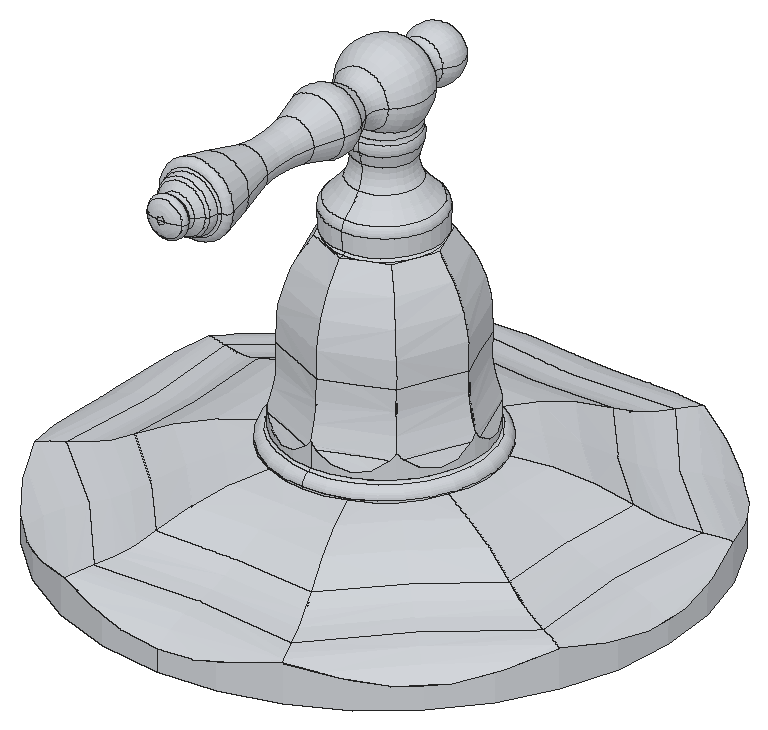
Revit family "Shower-Valve_Trim-KOHLER-Kelston-K-TS98762", category Specialty Equipment, host Face, Revit 2015 (continued)
Definition of nested family "K-TS98762"
  Automatic sketch dimensions
    Revolve 5 sketch curve to Revolve 5 sketch curve = 0.99157"
    Revolve 5 sketch curve to plane 7 = 1.46298"
    Revolve 5 sketch curve to Revolve 5 sketch curve = 0.07578"
    plane 7 to Revolve 5 sketch curve = 1.16717"
    Revolve 5 sketch curve to plane 1 "Center (Front/Back)" = 0.47689"
    Revolve 5 sketch curve to Revolve 5 sketch curve = 0.23973"
    Revolve 5 sketch curve to Revolve 5 sketch curve = 0.36408"
    Revolve 5 sketch curve to Revolve 5 sketch curve = 0.25302"
    plane 1 "Center (Front/Back)" to Revolve 5 sketch curve = 0.49914"
    Revolve 5 sketch curve to Revolve 5 sketch curve = 0.36995"
    plane 1 "Center (Front/Back)" to Revolve 5 sketch curve = 1.07083"
    Revolve 5 sketch curve to Revolve 5 sketch curve = 1.53519"
    Revolve 5 sketch curve to Revolve 5 sketch curve = 0.01614"
    plane 9 to Revolve 5 sketch curve = 0.51418"
    Revolve 5 sketch curve to Revolve 5 sketch curve = 0.09897"
    Revolve 5 sketch curve to Revolve 5 sketch curve = 0.10515"
    Revolve 5 sketch curve to Revolve 5 sketch curve = 15/256"
    Revolve 5 sketch curve to Revolve 5 sketch curve = 0.14751"
    Revolve 5 sketch curve to Revolve 5 sketch curve = 0.13471"
    Revolve 5 sketch curve to Revolve 5 sketch curve = 0.02828"
    plane 9 to Revolve 5 sketch curve = 0.09415"
    Revolve 5 sketch curve to Revolve 5 sketch curve = 0.0485"
    Revolve 5 sketch curve to Revolve 5 sketch curve = 0"  (x13)
    Revolve 5 sketch curve to plane 3 "Center (Left/Right)" = 0.23083"  (x2)
    Revolve 5 sketch curve to Revolve 5 sketch curve = 0.07286"
    Revolve 5 sketch curve to Revolve 5 sketch curve = 0.20363"
    Revolve 5 sketch curve to Revolve 5 sketch curve = 0.08789"
    Revolve 5 sketch curve to Revolve 5 sketch curve = 0.14087"
    plane 1 "Center (Front/Back)" to Masking region 1 sketch curve = 0"
    Masking region 1 sketch curve to plane 3 "Center (Left/Right)" = 0"
    Masking region 2 sketch curve to level = 0"
    Masking region 2 sketch curve to plane 5 = 0"
    Masking region 2 sketch curve to plane 9 = 0"
    Masking region 2 sketch curve to plane 4 = 0"
    plane 5 to Masking region 2 sketch curve = 0.07788"  (x2)
    plane 9 to Masking region 2 sketch curve = 0.09435"  (x2)
    plane 9 to Masking region 2 sketch curve = 0.11354"  (x2)
    plane 9 to Masking region 2 sketch curve = 0.18366"
    Masking region 2 sketch curve to Masking region 2 sketch curve = 0.09328"  (x2)
    Masking region 2 sketch curve to Masking region 2 sketch curve = 0.02828"  (x2)
    Masking region 2 sketch curve to Masking region 2 sketch curve = 0.08027"
    Masking region 2 sketch curve to Masking region 2 sketch curve = 0"  (x53)
    Masking region 2 sketch curve to Masking region 2 sketch curve = 0.13471"  (x2)
    Masking region 2 sketch curve to Masking region 2 sketch curve = 15/256"  (x2)
    Masking region 2 sketch curve to Masking region 2 sketch curve = 0.14751"
    Masking region 2 sketch curve to Masking region 2 sketch curve = 0.10515"  (x2)
    Masking region 2 sketch curve to Masking region 2 sketch curve = 0.279"
    Masking region 2 sketch curve to Masking region 2 sketch curve = 1.42701"
    Masking region 2 sketch curve to Masking region 2 sketch curve = 0.01614"  (x2)
    Masking region 2 sketch curve to plane 8 = 0.74804"
    Masking region 2 sketch curve to Masking region 2 sketch curve = 0.60285"
    plane 1 "Center (Front/Back)" to Masking region 2 sketch curve = 1.11565"
    plane 1 "Center (Front/Back)" to Masking region 2 sketch curve = 1.07063"
    level to Masking region 2 sketch curve = 0.17583"
    Masking region 2 sketch curve to Masking region 2 sketch curve = 0.04502"
    Masking region 2 sketch curve to Masking region 2 sketch curve = 0.05689"
    Masking region 2 sketch curve to Masking region 2 sketch curve = 0.06565"  (x2)
    Masking region 2 sketch curve to Masking region 2 sketch curve = 0.2812"
    Masking region 2 sketch curve to Masking region 2 sketch curve = 0.45422"
    Masking region 2 sketch curve to Masking region 2 sketch curve = 0.40352"  (x2)
    plane 1 "Center (Front/Back)" to Masking region 2 sketch curve = 0.63337"
    Masking region 2 sketch curve to Masking region 2 sketch curve = 0.03621"
    Masking region 2 sketch curve to Masking region 2 sketch curve = 0.03888"  (x2)
    Masking region 2 sketch curve to Masking region 2 sketch curve = 0.06603"
    Masking region 2 sketch curve to Masking region 2 sketch curve = 0.12226"  (x2)
    Masking region 2 sketch curve to Masking region 2 sketch curve = 0.01718"
    Masking region 2 sketch curve to plane 8 = 0.01632"
    plane 1 "Center (Front/Back)" to Masking region 2 sketch curve = 0.49894"
    Masking region 2 sketch curve to Masking region 2 sketch curve = 13/256"  (x2)
    plane 1 "Center (Front/Back)" to Masking region 2 sketch curve = 0.1946"
    plane 1 "Center (Front/Back)" to Masking region 2 sketch curve = 0.09563"  (x2)
    Masking region 2 sketch curve to plane 1 "Center (Front/Back)" = 0.00373"
    Masking region 2 sketch curve to plane 1 "Center (Front/Back)" = 0.1946"
    Masking region 2 sketch curve to plane 8 = 0.16298"
    Masking region 2 sketch curve to plane 1 "Center (Front/Back)" = 0.47708"
    Masking region 2 sketch curve to Masking region 2 sketch curve = 0.28248"
    Masking region 2 sketch curve to plane 1 "Center (Front/Back)" = 0.48032"
    Masking region 2 sketch curve to Masking region 2 sketch curve = 0.03903"
    Masking region 2 sketch curve to Masking region 2 sketch curve = 0.06337"
    Masking region 2 sketch curve to Masking region 2 sketch curve = 0.00266"
    Masking region 2 sketch curve to Masking region 2 sketch curve = 0.23973"
    plane 8 to Masking region 2 sketch curve = 0.23638"
    Masking region 2 sketch curve to Masking region 2 sketch curve = 0.36408"
    Masking region 2 sketch curve to Masking region 2 sketch curve = 0.25302"
    Masking region 2 sketch curve to plane 1 "Center (Front/Back)" = 1.05"
    Masking region 2 sketch curve to Masking region 2 sketch curve = 0.00876"
    Masking region 2 sketch curve to Masking region 2 sketch curve = 0.35327"
    Masking region 2 sketch curve to Masking region 2 sketch curve = 0.88405"
    Masking region 2 sketch curve to plane 4 = 0.24616"
    Masking region 2 sketch curve to Masking region 2 sketch curve = 0.23914"  (x2)
    Masking region 2 sketch curve to Masking region 2 sketch curve = 0.17947"  (x2)
    level to Masking region 2 sketch curve = 0.98486"
    Masking region 2 sketch curve to Masking region 2 sketch curve = 0.80903"
    Masking region 2 sketch curve to Masking region 2 sketch curve = 0.16831"  (x2)
    Masking region 2 sketch curve to Masking region 2 sketch curve = 0.2377"  (x2)
    Masking region 2 sketch curve to Masking region 2 sketch curve = 0.11419"
    Masking region 2 sketch curve to Masking region 2 sketch curve = 0.07578"  (x2)
    Masking region 2 sketch curve to Masking region 2 sketch curve = 0.2891"
    Masking region 2 sketch curve to Masking region 2 sketch curve = 0.04991"  (x2)
    Masking region 2 sketch curve to Masking region 2 sketch curve = 0.00326"
    Masking region 2 sketch curve to Masking region 2 sketch curve = 0.12441"
    Masking region 2 sketch curve to Masking region 2 sketch curve = 0.41351"
    Masking region 2 sketch curve to Masking region 2 sketch curve = 0.21014"  (x2)
    Masking region 2 sketch curve to Masking region 2 sketch curve = 0.41907"  (x2)
    Masking region 2 sketch curve to Masking region 2 sketch curve = 0.08653"  (x2)
    Masking region 2 sketch curve to plane 8 = 1.04993"
    Masking region 2 sketch curve to Masking region 2 sketch curve = 0.25874"
    Masking region 2 sketch curve to Masking region 2 sketch curve = 0.03166"
    Masking region 2 sketch curve to Masking region 2 sketch curve = 0.10861"
    Masking region 2 sketch curve to Masking region 2 sketch curve = 0.07695"
    Masking region 2 sketch curve to Masking region 2 sketch curve = 0.23952"
    Masking region 2 sketch curve to Masking region 2 sketch curve = 0.01107"  (x2)
    Masking region 2 sketch curve to Masking region 2 sketch curve = 0.06972"
    Masking region 2 sketch curve to Masking region 2 sketch curve = 0.04456"
    Masking region 2 sketch curve to Masking region 2 sketch curve = 0.55156"
    Masking region 2 sketch curve to Masking region 2 sketch curve = 0.10774"
    Masking region 2 sketch curve to Masking region 2 sketch curve = 0.06442"  (x2)
    Masking region 2 sketch curve to Masking region 2 sketch curve = 0.06662"  (x2)
    Masking region 2 sketch curve to Masking region 2 sketch curve = 0.18136"
    Masking region 2 sketch curve to Masking region 2 sketch curve = 0.25723"
    Masking region 2 sketch curve to Masking region 2 sketch curve = 0.12259"  (x2)
    Masking region 2 sketch curve to Masking region 2 sketch curve = 0.33363"
    Masking region 2 sketch curve to Masking region 2 sketch curve = 0.04928"  (x2)
    Masking region 2 sketch curve to Masking region 2 sketch curve = 0.04274"  (x2)
    Masking region 2 sketch curve to plane 8 = 0.43235"
    Masking region 2 sketch curve to Masking region 2 sketch curve = 0.08519"
    Masking region 2 sketch curve to Masking region 2 sketch curve = 0.10364"
    Masking region 2 sketch curve to Masking region 2 sketch curve = 0.00124"
    Masking region 2 sketch curve to plane 8 = 0.13964"
    plane 8 to Masking region 2 sketch curve = 0.11094"
    plane 8 to Masking region 2 sketch curve = 0.97525"
    plane 8 to Masking region 2 sketch curve = 1.31752"
    Masking region 2 sketch curve to Masking region 2 sketch curve = 1.39655"
    Masking region 2 sketch curve to Masking region 2 sketch curve = 2.55438"
    Masking region 2 sketch curve to Masking region 2 sketch curve = 0.07489"  (x2)
    plane 9 to Masking region 2 sketch curve = 0.36377"
    Masking region 2 sketch curve to Masking region 2 sketch curve = 0.19497"
    Masking region 2 sketch curve to Masking region 2 sketch curve = 0.04225"  (x2)
    plane 9 to Masking region 2 sketch curve = 0.5766"
    Masking region 2 sketch curve to Masking region 2 sketch curve = 0.1166"  (x2)
    Masking region 2 sketch curve to Masking region 2 sketch curve = 0.43261"
    Masking region 2 sketch curve to Masking region 2 sketch curve = 0.42833"
    Masking region 2 sketch curve to Masking region 2 sketch curve = 0.11019"  (x2)
    Masking region 2 sketch curve to Masking region 2 sketch curve = 0.04745"  (x2)
    Masking region 2 sketch curve to Masking region 2 sketch curve = 0.07822"
    plane 1 "Center (Front/Back)" to Masking region 2 sketch curve = 0.87839"
    Masking region 2 sketch curve to Masking region 2 sketch curve = 0.41265"  (x2)
    Masking region 2 sketch curve to Masking region 2 sketch curve = 0.13938"
    Masking region 2 sketch curve to Masking region 2 sketch curve = 0.04428"
    plane 1 "Center (Front/Back)" to Masking region 2 sketch curve = 0.10671"
    Masking region 2 sketch curve to plane 1 "Center (Front/Back)" = 0.10671"
    Masking region 2 sketch curve to Masking region 2 sketch curve = 0.12294"
    Masking region 2 sketch curve to Masking region 2 sketch curve = 0.09475"
    Masking region 2 sketch curve to Masking region 2 sketch curve = 0.49087"
    Masking region 2 sketch curve to plane 1 "Center (Front/Back)" = 0.87839"
    level to Masking region 2 sketch curve = 0.64662"
    Masking region 2 sketch curve to Masking region 2 sketch curve = 0.85704"
    Masking region 2 sketch curve to plane 4 = 0.85888"
    Masking region 2 sketch curve to Masking region 2 sketch curve = 0.42871"
    Masking region 2 sketch curve to plane 4 = 0.6391"
    Masking region 2 sketch curve to plane 4 = 0.42627"
    Masking region 2 sketch curve to level = 1.1334"  (x2)
    Masking region 2 sketch curve to Masking region 2 sketch curve = 0.00906"  (x2)
    plane 7 to Masking region 3 sketch curve = 0"
    Masking region 3 sketch curve to plane 3 "Center (Left/Right)" = 0"
    Masking region 3 sketch curve to level = 0"
    Masking region 3 sketch curve to plane 6 = 0"
    Masking region 3 sketch curve to plane 10 "A" = 0"
    Masking region 3 sketch curve to plane 7 = 0.24616"
    plane 10 "A" to Masking region 3 sketch curve = 0.27855"  (x2)
    Masking region 3 sketch curve to Masking region 3 sketch curve = 0.60285"
    Masking region 3 sketch curve to plane 3 "Center (Left/Right)" = 1.11565"
    Masking region 3 sketch curve to Masking region 3 sketch curve = 0.05689"
    Masking region 3 sketch curve to Masking region 3 sketch curve = 0.06565"  (x2)
    Masking region 3 sketch curve to Masking region 3 sketch curve = 0.2812"  (x2)
    Masking region 3 sketch curve to Masking region 3 sketch curve = 0.40352"  (x2)
    Masking region 3 sketch curve to plane 3 "Center (Left/Right)" = 0.63337"
    Masking region 3 sketch curve to Masking region 3 sketch curve = 0.03621"
    Masking region 3 sketch curve to Masking region 3 sketch curve = 0.03888"  (x2)
    Masking region 3 sketch curve to Masking region 3 sketch curve = 0.06603"
    Masking region 3 sketch curve to Masking region 3 sketch curve = 0.12226"  (x2)
    Masking region 3 sketch curve to Masking region 3 sketch curve = 13/256"  (x2)
    Masking region 3 sketch curve to Masking region 3 sketch curve = 0.1639"  (x2)
    Masking region 3 sketch curve to plane 3 "Center (Left/Right)" = 0.1946"
    plane 3 "Center (Left/Right)" to Masking region 3 sketch curve = 0.1946"
    Masking region 3 sketch curve to Masking region 3 sketch curve = 0.15762"
    plane 3 "Center (Left/Right)" to Masking region 3 sketch curve = 0.48032"
    Masking region 3 sketch curve to Masking region 3 sketch curve = 0.06337"
    Masking region 3 sketch curve to Masking region 3 sketch curve = 0.00266"
    plane 3 "Center (Left/Right)" to Masking region 3 sketch curve = 1.05"
    Masking region 3 sketch curve to Masking region 3 sketch curve = 0.00876"
    Masking region 3 sketch curve to Masking region 3 sketch curve = 0.88405"
    Masking region 3 sketch curve to plane 6 = 0.24616"
    Masking region 3 sketch curve to Masking region 3 sketch curve = 0.23914"  (x2)
    Masking region 3 sketch curve to Masking region 3 sketch curve = 0.17947"  (x2)
    level to Masking region 3 sketch curve = 0.98486"  (x2)
    Masking region 3 sketch curve to Masking region 3 sketch curve = 0.16831"  (x2)
    Masking region 3 sketch curve to Masking region 3 sketch curve = 0.2377"  (x2)
    Masking region 3 sketch curve to Masking region 3 sketch curve = 1.21937"
    Masking region 3 sketch curve to Masking region 3 sketch curve = 0"  (x14)
    Masking region 3 sketch curve to Masking region 3 sketch curve = 0.04991"  (x2)
    Masking region 3 sketch curve to Masking region 3 sketch curve = 1.09496"  (x2)
    Masking region 3 sketch curve to Masking region 3 sketch curve = 0.21014"  (x2)
    Masking region 3 sketch curve to Masking region 3 sketch curve = 0.41907"  (x2)
    Masking region 3 sketch curve to Masking region 3 sketch curve = 0.08653"  (x2)
    Masking region 3 sketch curve to Masking region 3 sketch curve = 0.10861"  (x2)
    Masking region 3 sketch curve to Masking region 3 sketch curve = 0.02109"  (x2)
    Masking region 3 sketch curve to Masking region 3 sketch curve = 0.07489"  (x2)
    Masking region 3 sketch curve to plane 7 = 0.42627"
    Masking region 3 sketch curve to Masking region 3 sketch curve = 0.19497"
    Masking region 3 sketch curve to Masking region 3 sketch curve = 0.04225"  (x2)
    Masking region 3 sketch curve to plane 7 = 0.6391"
    Masking region 3 sketch curve to Masking region 3 sketch curve = 0.1166"  (x2)
    Masking region 3 sketch curve to Masking region 3 sketch curve = 0.43261"
    Masking region 3 sketch curve to Masking region 3 sketch curve = 0.42833"
    Masking region 3 sketch curve to Masking region 3 sketch curve = 0.11019"  (x2)
    Masking region 3 sketch curve to Masking region 3 sketch curve = 0.04745"  (x2)
    Masking region 3 sketch curve to Masking region 3 sketch curve = 0.07822"
    Masking region 3 sketch curve to plane 3 "Center (Left/Right)" = 0.87839"
    Masking region 3 sketch curve to Masking region 3 sketch curve = 0.41265"  (x2)
    Masking region 3 sketch curve to plane 3 "Center (Left/Right)" = 0.10671"
    plane 3 "Center (Left/Right)" to Masking region 3 sketch curve = 0.10671"
    Masking region 3 sketch curve to Masking region 3 sketch curve = 0.12294"
    Masking region 3 sketch curve to Masking region 3 sketch curve = 0.49087"
    plane 3 "Center (Left/Right)" to Masking region 3 sketch curve = 0.87839"
    level to Masking region 3 sketch curve = 0.64662"
    Masking region 3 sketch curve to Masking region 3 sketch curve = 0.85704"
    Masking region 3 sketch curve to plane 6 = 0.85888"
    Masking region 3 sketch curve to Masking region 3 sketch curve = 0.42871"
    Masking region 3 sketch curve to plane 6 = 0.6391"
    Masking region 3 sketch curve to plane 6 = 0.42627"
    Masking region 3 sketch curve to level = 1.1334"  (x2)
    Masking region 3 sketch curve to Masking region 3 sketch curve = 0.00906"  (x2)
    Masking region 3 sketch curve to Masking region 3 sketch curve = 0.04471"  (x2)
    Revolve 3 sketch curve to plane 1 "Center (Front/Back)" = 0"  (x2)
    Revolve 3 sketch curve to plane 1 "Center (Front/Back)" = 0.1946"
    Revolve 3 sketch curve to Revolve 3 sketch curve = 0.15643"
    Revolve 3 sketch curve to plane 1 "Center (Front/Back)" = 0.48032"
    Revolve 3 sketch curve to Revolve 3 sketch curve = 0.15703"
    Revolve 3 sketch curve to Revolve 3 sketch curve = 13/256"
    Revolve 3 sketch curve to Revolve 3 sketch curve = 0.04991"  (x2)
    Revolve 3 sketch curve to Revolve 3 sketch curve = 0.01612"
    Revolve 3 sketch curve to Revolve 3 sketch curve = 0.13032"
    Revolve 3 sketch curve to Revolve 3 sketch curve = 0.40352"
    Revolve 3 sketch curve to Revolve 3 sketch curve = 0.45285"
    Revolve 3 sketch curve to Revolve 3 sketch curve = 0.00328"
    Revolve 3 sketch curve to Revolve 3 sketch curve = 0.02977"
    Revolve 3 sketch curve to Revolve 3 sketch curve = 0.11677"
    plane 10 "A" to Revolve 3 sketch curve = 0.27855"
    Revolve 3 sketch curve to Revolve 3 sketch curve = 0.2812"
    Revolve 3 sketch curve to Revolve 3 sketch curve = 0.87595"
    plane 10 "A" to Revolve 3 sketch curve = 0.37806"
    Revolve 3 sketch curve to Revolve 3 sketch curve = 0.10677"
    Revolve 3 sketch curve to Revolve 3 sketch curve = 0.36552"
    Revolve 3 sketch curve to Revolve 3 sketch curve = 0.08653"
    Revolve 3 sketch curve to Revolve 3 sketch curve = 0.49429"
    Revolve 3 sketch curve to Revolve 3 sketch curve = 0.5434"
    Revolve 3 sketch curve to Revolve 3 sketch curve = 0.21014"
    level to Revolve 3 sketch curve = 1.12646"
    Revolve 3 sketch curve to Revolve 3 sketch curve = 0.14412"
    level to Revolve 3 sketch curve = 0.95001"
    Revolve 3 sketch curve to Revolve 3 sketch curve = 0.10419"
    Revolve 3 sketch curve to Revolve 3 sketch curve = 0.12294"
    Revolve 3 sketch curve to Revolve 3 sketch curve = 0"  (x4)
    Revolve 3 sketch curve to Revolve 3 sketch curve = 0.91295"
    Revolve 3 sketch curve to Revolve 3 sketch curve = 0.17773"
    Revolve 6 sketch curve to plane 1 "Center (Front/Back)" = 0"  (x2)
    Revolve 6 sketch curve to level = 0"
    Revolve 6 sketch curve to plane 4 = 0"
    Revolve 6 sketch curve to Revolve 6 sketch curve = 0.59715"
    Revolve 6 sketch curve to Revolve 6 sketch curve = 0.4216"
    Revolve 6 sketch curve to Revolve 6 sketch curve = 0.1502"
    Revolve 6 sketch curve to Revolve 6 sketch curve = 0.365"
    level to Revolve 6 sketch curve = 1.005"
    Revolve 6 sketch curve to Revolve 6 sketch curve = 0.24998"
    plane 10 "A" to Revolve 6 sketch curve = 1.44801"
    plane 10 "A" to Revolve 6 sketch curve = 0.35763"
    Revolve 6 sketch curve to Revolve 6 sketch curve = 0.586"
    Revolve 6 sketch curve to Revolve 6 sketch curve = 0.57252"
    Extrusion 7 sketch curve to plane 3 "Center (Left/Right)" = 0"
    Extrusion 7 sketch curve to plane 10 "A" = 0"
    curve 1 to curve 2 = 0"  (x2)
    curve 1 to curve 3 = 0"  (x2)
    curve 3 to curve 62 = 0"  (x2)
    plane 1 "Center (Front/Back)" to curve 9 = 0"
    curve 18 to plane 3 "Center (Left/Right)" = 0"
    plane 1 "Center (Front/Back)" to curve 62 = 0"
    curve 62 to plane 3 "Center (Left/Right)" = 0"
    curve 19 to plane 3 "Center (Left/Right)" = 0"
    plane 1 "Center (Front/Back)" to curve 6 = 0"
    curve 23 to plane 1 "Center (Front/Back)" = 0.00353"
    curve 23 to plane 3 "Center (Left/Right)" = 0.03714"
    curve 26 to plane 3 "Center (Left/Right)" = 0.04259"
    curve 28 to plane 3 "Center (Left/Right)" = 0.04274"
    curve 19 to curve 19 = 0.04928"
    curve 34 to plane 3 "Center (Left/Right)" = 0.05182"
    curve 29 to curve 18 = 0.12259"
    curve 31 to curve 29 = 0.06662"
    curve 33 to curve 31 = 0.00124"
    curve 30 to curve 31 = 0.06442"
    curve 21 to plane 3 "Center (Left/Right)" = 0.30651"
    curve 38 to curve 33 = 0.09667"
    curve 72 to curve 38 = 0.00827"
    curve 39 to curve 72 = 0.0028"
    curve 24 to plane 3 "Center (Left/Right)" = 0.45318"
    plane 5 to curve 32 = 0.07808"
    curve 32 to curve 30 = 0.28408"
    curve 22 to curve 21 = 0.39937"
    plane 1 "Center (Front/Back)" to curve 25 = 0.09583"
    curve 25 to curve 24 = 0.99157"
    curve 35 to plane 7 = 1.46298"
    curve 27 to curve 35 = 0.07578"
    plane 9 to curve 59 = 0.11334"
    curve 59 to plane 7 = 1.27301"
    plane 7 to curve 36 = 1.16717"
    curve 45 to plane 1 "Center (Front/Back)" = 0.00353"
    plane 3 "Center (Left/Right)" to curve 45 = 0.03714"
    plane 3 "Center (Left/Right)" to curve 48 = 0.04259"
    curve 40 to plane 9 = 0.0002"
    plane 3 "Center (Left/Right)" to curve 40 = 0.04274"
    plane 3 "Center (Left/Right)" to curve 42 = 0.04928"
    plane 3 "Center (Left/Right)" to curve 56 = 0.05182"
    curve 50 to curve 51 = 0.12259"
    curve 51 to curve 53 = 0.06662"
    curve 53 to curve 55 = 0.00124"
    curve 53 to curve 52 = 0.06442"
    plane 3 "Center (Left/Right)" to curve 43 = 0.30651"
    curve 55 to curve 60 = 0.09667"
    curve 60 to curve 72 = 0.00827"
    curve 60 to curve 61 = 0.0028"
    plane 3 "Center (Left/Right)" to curve 46 = 0.45318"
    plane 5 to curve 54 = 0.07808"
    curve 52 to curve 54 = 0.28408"
    curve 43 to curve 44 = 0.39937"
    plane 1 "Center (Front/Back)" to curve 47 = 0.09583"
    curve 57 to plane 6 = 1.46298"
    curve 57 to curve 49 = 0.07578"
    plane 9 to curve 37 = 0.11334"
    curve 37 to plane 6 = 1.27301"
    plane 6 to curve 58 = 1.16717"
    plane 9 to curve 29 = 0.09415"
    plane 9 to curve 51 = 0.09415"
    curve 51 to curve 53 = 0.09328"
    curve 29 to curve 31 = 0.09328"
    curve 31 to curve 30 = 0.02828"
    curve 53 to curve 52 = 0.02828"
    curve 53 to curve 50 = 0.08027"
    curve 28 to curve 50 = 0"
    curve 52 to curve 55 = 0.13471"
    curve 30 to curve 33 = 0.13471"
    curve 55 to curve 61 = 15/256"
    curve 33 to curve 39 = 15/256"
    curve 28 to curve 34 = 0.14751"
    curve 34 to curve 56 = 0"
    curve 61 to curve 72 = 0.02659"
    curve 59 to curve 27 = 1.42701"
    curve 37 to curve 49 = 1.42701"
    curve 27 to curve 35 = 0.01614"
    curve 49 to curve 57 = 0.01614"
    plane 1 "Center (Front/Back)" to curve 36 = 1.07083"
    plane 1 "Center (Front/Back)" to curve 58 = 1.07083"
    plane 1 "Center (Front/Back)" to curve 26 = 0.86909"
    curve 26 to curve 48 = 0"
    plane 1 "Center (Front/Back)" to curve 46 = 0.49914"
    plane 1 "Center (Front/Back)" to curve 24 = 0.49914"
    curve 43 to plane 1 "Center (Front/Back)" = 0.47689"
    curve 21 to plane 1 "Center (Front/Back)" = 0.47689"
    curve 21 to curve 20 = 0.23973"
    curve 20 to curve 42 = 0"
    curve 43 to curve 44 = 0.36408"
    curve 21 to curve 22 = 0.36408"
    curve 20 to curve 41 = 0.25302"
    curve 31 to curve 30 = 0.0485"
    curve 31 to curve 30 = 0"
    curve 32 to curve 31 = 0"
    curve 29 to curve 28 = 0"
    curve 35 to plane 3 "Center (Left/Right)" = 0.23083"
    curve 36 to curve 35 = 0"
    curve 27 to curve 35 = 0"
    curve 21 to curve 22 = 0.07286"
    curve 21 to curve 22 = 0"
    curve 24 to curve 3 = 0.21234"
    curve 3 to curve 20 = 0.00938"
    curve 25 to curve 24 = 0"
    curve 33 to curve 32 = 0"
    curve 27 to curve 1 = 0.05456"
    curve 34 to curve 33 = 0"
    curve 23 to curve 22 = 0"
    curve 26 to curve 25 = 0"
    curve 26 to curve 2 = 0.00295"
    curve 37 to curve 36 = 0"
    plane 1 "Center (Front/Back)" to curve 8 = 0.42847"
    curve 4 to plane 1 "Center (Front/Back)" = 0.42847"
    curve 22 to curve 12 = 0.25919"
    curve 15 to curve 2 = 0.12326"
    curve 4 to plane 1 "Center (Front/Back)" = 0.74246"
    plane 1 "Center (Front/Back)" to curve 8 = 0.74246"
    curve 13 to plane 1 "Center (Front/Back)" = 0.44883"
    plane 1 "Center (Front/Back)" to curve 14 = 0.44669"
    curve 12 to plane 4 = 0.24933"
    curve 12 to plane 3 "Center (Left/Right)" = 1.23943"
    plane 9 to curve 15 = 0.18955"
    curve 59 to curve 15 = 0.73171"
    curve 13 to plane 7 = 0.25211"
    curve 14 to plane 7 = 0.24939"
    curve 53 to curve 53 = 0.0485"
    curve 52 to curve 53 = 0"
    curve 54 to curve 53 = 0"
    curve 51 to curve 50 = 0"
    plane 3 "Center (Left/Right)" to curve 49 = 0.23083"
    plane 3 "Center (Left/Right)" to curve 58 = 0.23083"
    curve 57 to curve 58 = 0"
    curve 44 to curve 43 = 0.07286"
    curve 43 to curve 44 = 0"
    curve 62 to curve 46 = 0.21234"
    curve 43 to curve 62 = 0.00938"
    curve 62 to curve 46 = 0.00871"
    curve 47 to curve 46 = 0"
    curve 55 to curve 54 = 0"
    curve 56 to curve 55 = 0"
    curve 45 to curve 44 = 0"
    curve 48 to curve 47 = 0"
    curve 59 to curve 58 = 0"
    curve 43 to curve 5 = 0.12196"
    plane 1 "Center (Front/Back)" to curve 7 = 0.42847"
    curve 2 to curve 16 = 0.12111"
    curve 11 to curve 44 = 0.25705"
    plane 1 "Center (Front/Back)" to curve 7 = 0.74246"
    curve 44 to curve 5 = 0.03658"
    plane 1 "Center (Front/Back)" to curve 17 = 0.44883"
    curve 10 to plane 1 "Center (Front/Back)" = 0.44669"
    plane 9 to curve 16 = 0.18682"
    curve 54 to curve 16 = 0.659"
    curve 11 to plane 4 = 0.25162"
    plane 3 "Center (Left/Right)" to curve 11 = 1.24546"
    curve 17 to plane 6 = 0.25188"
    curve 10 to plane 6 = 0.25079"
    curve 49 to curve 17 = 0.40181"
    curve 27 to curve 14 = 0.40775"
    curve 10 to plane 1 "Center (Front/Back)" = 1.24291"
    curve 13 to plane 1 "Center (Front/Back)" = 1.24525"
    curve 86 to plane 1 "Center (Front/Back)" = 0"  (x2)
    curve 135 to plane 1 "Center (Front/Back)" = 0"
    curve 134 to plane 1 "Center (Front/Back)" = 0"
    curve 135 to level = 0"
    plane 1 "Center (Front/Back)" to curve 92 = 0.05966"
    plane 1 "Center (Front/Back)" to curve 76 = 0.40514"
    curve 92 to curve 93 = 0.63942"
    curve 88 to curve 91 = 0.08437"
    level to curve 68 = 0.41861"
    curve 68 to curve 89 = 0.46325"
    plane 9 to curve 77 = 0.15765"
    curve 83 to plane 1 "Center (Front/Back)" = 0.05966"
    curve 74 to plane 1 "Center (Front/Back)" = 0.40514"
    curve 83 to curve 83 = 0.63942"
    curve 83 to curve 79 = 0.08437"
    curve 80 to curve 63 = 0.46325"
    curve 75 to plane 4 = 0.22015"
    curve 76 to level = 1.11027"
    curve 76 to curve 74 = 0"
    level to curve 92 = 1.32643"
    curve 92 to curve 79 = 0"
    curve 92 to curve 83 = 0"
    curve 88 to curve 91 = 0"
    curve 63 to curve 75 = 2.00653"
    curve 68 to curve 77 = 2.00653"
    plane 8 to curve 134 = 1.62868"
    plane 1 "Center (Front/Back)" to curve 86 = 0.00292"
    plane 1 "Center (Front/Back)" to curve 86 = 0.00336"
    plane 1 "Center (Front/Back)" to curve 85 = 0.00759"
    plane 1 "Center (Front/Back)" to curve 85 = 0.01001"
    plane 1 "Center (Front/Back)" to curve 93 = 0.07587"
    plane 1 "Center (Front/Back)" to curve 91 = 0.30431"
    plane 1 "Center (Front/Back)" to curve 71 = 0.32076"
    plane 1 "Center (Front/Back)" to curve 134 = 0.35512"
    plane 1 "Center (Front/Back)" to curve 71 = 0.38215"
    curve 87 to curve 93 = 0.32486"
    curve 87 to curve 71 = 0.02201"
    curve 93 to curve 91 = 0.14249"
    plane 1 "Center (Front/Back)" to curve 94 = 0.44786"
    curve 71 to curve 71 = 0.1036"
    curve 91 to curve 71 = 0.02548"
    curve 96 to curve 94 = 0.08326"
    curve 95 to curve 96 = 0.06337"
    curve 94 to curve 87 = 0.28652"  (x2)
    curve 88 to curve 90 = 0.04099"
    curve 76 to curve 89 = 0.0951"
    curve 71 to curve 76 = 0.01211"
    curve 89 to curve 90 = 0.26128"
    curve 88 to curve 89 = 0.26485"
    curve 69 to curve 76 = 0.65525"
    curve 89 to curve 88 = 0.01549"
    curve 67 to curve 69 = 0.15361"
    curve 78 to curve 89 = 0.03084"
    curve 69 to curve 69 = 0.0416"
    curve 70 to curve 89 = 0.19332"
    curve 73 to curve 78 = 0.07432"
    curve 70 to curve 69 = 0.04932"
    curve 77 to curve 69 = 0.42712"
    curve 76 to curve 77 = 0"
    curve 90 to curve 70 = 0.54655"
    curve 90 to curve 77 = 0.01521"
    level to curve 77 = 0.24304"
    curve 97 to plane 8 = 0.13137"
    plane 9 to curve 97 = 0.43583"
    plane 9 to curve 68 = 0.18613"
    curve 85 to plane 1 "Center (Front/Back)" = 0"
    curve 84 to plane 1 "Center (Front/Back)" = 0.07587"
    curve 82 to plane 1 "Center (Front/Back)" = 0.30431"
    curve 66 to plane 1 "Center (Front/Back)" = 0.32076"
    curve 134 to plane 1 "Center (Front/Back)" = 0.35512"
    curve 135 to curve 66 = 0.38215"
    curve 84 to curve 94 = 0.32486"
    curve 66 to curve 94 = 0.02201"
    curve 82 to curve 84 = 0.14249"
    curve 85 to curve 87 = 0.44786"
    curve 66 to curve 66 = 0.1036"
    curve 66 to curve 82 = 0.02548"
    curve 87 to curve 96 = 0.08326"
    curve 96 to curve 95 = 0.06337"
    curve 82 to curve 79 = 0.04099"
    curve 80 to curve 74 = 0.0951"
    curve 74 to curve 66 = 0.01211"
    curve 87 to curve 80 = 0.26128"
    curve 79 to curve 79 = 0.26485"
    curve 74 to curve 64 = 0.65525"
    curve 79 to curve 80 = 0.01549"
    curve 64 to curve 63 = 0.15361"
    curve 80 to curve 78 = 0.03084"
    curve 64 to curve 65 = 0.0416"
    curve 80 to curve 65 = 0.19332"
    curve 78 to curve 73 = 0.07432"
    curve 64 to curve 65 = 0.04932"
    curve 75 to curve 74 = 0"
    curve 65 to curve 81 = 0.54655"
    curve 74 to curve 81 = 0.01521"
    level to curve 75 = 0.24304"
    curve 63 to plane 4 = 0.24616"
    curve 69 to curve 76 = 0.02312"
    curve 64 to curve 74 = 0.02312"
    curve 71 to curve 76 = 0.81536"
    curve 71 to curve 66 = 0"
    level to curve 86 = 0.44974"
    curve 81 to curve 74 = 0.14885"
    curve 90 to curve 77 = 0.14885"
    curve 86 to curve 85 = 0.1435"
    curve 87 to curve 71 = 0.37149"
    curve 94 to curve 66 = 0.37149"
    curve 73 to curve 78 = 0.12625"
    curve 78 to curve 80 = 0.07589"
    curve 95 to curve 96 = 0.04991"
    plane 10 "A" to curve 134 = 0.33898"
    plane 10 "A" to curve 97 = 0.33812"
    curve 131 to plane 3 "Center (Left/Right)" = 0"
    curve 123 to plane 3 "Center (Left/Right)" = 0"
    curve 136 to plane 3 "Center (Left/Right)" = 0"
    curve 131 to plane 10 "A" = 0"
    curve 122 to plane 3 "Center (Left/Right)" = 0.05966"
    curve 129 to plane 3 "Center (Left/Right)" = 0.53741"
    curve 122 to curve 123 = 0.63941"
    curve 118 to curve 120 = 0.08437"
    level to curve 103 = 0.41861"
    curve 103 to curve 119 = 0.45729"
    curve 130 to plane 7 = 0.46553"
    plane 3 "Center (Left/Right)" to curve 114 = 0.05966"
    plane 3 "Center (Left/Right)" to curve 127 = 0.53741"
    curve 114 to curve 114 = 0.63941"
    curve 114 to curve 110 = 0.08437"
    level to curve 102 = 0.41861"
    curve 111 to curve 102 = 0.46325"
    curve 128 to plane 6 = 0.46553"
    level to curve 103 = 0.23914"
    curve 129 to level = 0.72558"
    curve 127 to level = 0.72558"
    curve 102 to curve 114 = 1.08728"
    curve 110 to curve 114 = 0"
    curve 122 to curve 115 = 0"
    curve 118 to curve 120 = 0"
    curve 114 to curve 117 = 0.06445"
    curve 104 to curve 130 = 1.5711"
    curve 98 to curve 128 = 1.5711"
    curve 133 to plane 3 "Center (Left/Right)" = 0.06575"
    curve 123 to plane 3 "Center (Left/Right)" = 0.07587"
    curve 120 to plane 3 "Center (Left/Right)" = 0.30431"
    curve 107 to plane 3 "Center (Left/Right)" = 0.32552"
    curve 133 to curve 133 = 0.28647"
    curve 107 to plane 3 "Center (Left/Right)" = 0.37997"
    curve 116 to curve 123 = 0.32487"
    curve 116 to curve 107 = 0.0242"
    curve 123 to curve 120 = 0.14249"
    curve 124 to plane 3 "Center (Left/Right)" = 0.44786"
    curve 107 to curve 107 = 0.10863"
    curve 120 to curve 107 = 0.02264"
    curve 126 to curve 124 = 0.08326"
    curve 125 to curve 126 = 0.06337"
    curve 121 to curve 116 = 0.28651"
    curve 118 to curve 120 = 0.04099"
    curve 129 to curve 107 = 0.35859"
    curve 106 to curve 129 = 0.04378"
    curve 119 to curve 121 = 0.24166"
    curve 118 to curve 119 = 0.26485"
    curve 119 to curve 118 = 0.01161"
    curve 105 to curve 129 = 0.52252"
    curve 103 to curve 105 = 0.14758"
    curve 109 to curve 119 = 0.03472"
    curve 105 to curve 105 = 0.04153"
    curve 106 to curve 119 = 0.21118"
    curve 108 to curve 109 = 0.08189"
    curve 106 to curve 106 = 0.04958"
    curve 105 to curve 103 = 0.00595"
    curve 130 to curve 105 = 0.3858"
    curve 129 to curve 130 = 0"
    curve 121 to curve 106 = 0.5483"
    curve 121 to curve 130 = 0.05653"
    level to curve 130 = 0.24167"
    curve 104 to plane 7 = 0.24863"
    plane 3 "Center (Left/Right)" to curve 132 = 0.06575"
    plane 3 "Center (Left/Right)" to curve 115 = 0.07587"
    plane 3 "Center (Left/Right)" to curve 112 = 0.30431"
    plane 3 "Center (Left/Right)" to curve 101 = 0.32552"
    curve 132 to curve 132 = 0.28647"
    curve 136 to curve 101 = 0.37997"
    curve 115 to curve 124 = 0.32487"
    curve 101 to curve 124 = 0.0242"
    curve 112 to curve 115 = 0.14249"
    curve 117 to curve 116 = 0.44786"
    curve 101 to curve 101 = 0.10863"
    curve 101 to curve 112 = 0.02264"
    curve 116 to curve 126 = 0.08326"
    curve 126 to curve 125 = 0.06337"
    curve 124 to curve 113 = 0.28651"
    curve 112 to curve 110 = 0.04099"
    curve 101 to curve 127 = 0.35859"
    curve 127 to curve 101 = 0.04378"
    curve 113 to curve 111 = 0.24166"
    curve 110 to curve 110 = 0.26485"
    curve 110 to curve 111 = 0.01161"
    curve 127 to curve 99 = 0.52252"
    curve 99 to curve 98 = 0.15353"
    curve 111 to curve 109 = 0.03472"
    curve 99 to curve 99 = 0.04153"
    curve 111 to curve 100 = 0.21118"
    curve 109 to curve 108 = 0.07546"
    curve 99 to curve 100 = 0.04958"
    curve 128 to curve 127 = 0"
    curve 100 to curve 113 = 0.5483"
    curve 128 to curve 113 = 0.05653"
    level to curve 128 = 0.24167"
    curve 98 to plane 6 = 0.24616"
    curve 105 to curve 129 = 0.40782"
    curve 99 to curve 127 = 0.40782"
    curve 101 to curve 99 = 0.7957"
    curve 107 to curve 101 = 0"
    curve 105 to curve 103 = 0"
    curve 113 to curve 128 = 0.14795"
    curve 121 to curve 130 = 0.14795"
    curve 116 to curve 107 = 0.37064"
    curve 124 to curve 101 = 0.37064"
    curve 108 to curve 109 = 0.1271"
    curve 109 to curve 111 = 0.07506"
    curve 125 to curve 126 = 0.04991"
    plane 10 "A" to curve 133 = 0.31043"
    plane 10 "A" to curve 132 = 0.31043"
    curve 133 to curve 133 = 0.01501"
    radius of Masking region 1 sketch curve = 3 1/4"
    radius of Masking region 3 sketch curve = 0.4695"
    radius of Extrusion 7 sketch curve = 0.4695"
Types (4): name | Type | Model | Finish
  (no name) | 1 | "K-TS98762-4-CP" | Kohler-Metal-CP-Polished_Chrome
  CP-Polished Chrome | 1 | "K-TS98762-4-CP" | Kohler-Metal-CP-Polished_Chrome
  BN-Vibrant Brushed Nickel | 2 | "K-TS98762-4-BN" | Kohler-Metal-BN-Vibrant_Brushed_Nickel
  2BZ-Oil-Rubbed Bronze | 3 | "K-TS98762-4-2BZ" | Kohler-Metal-2BZ-Oil_Rubbed_Bronze
